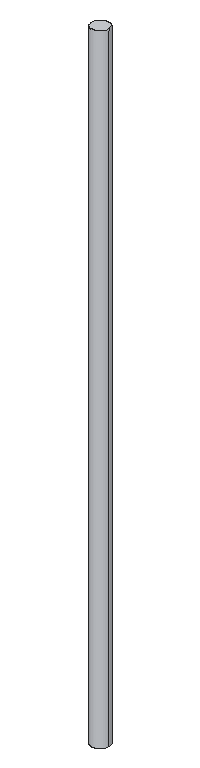
Revit family "BIM_ST_Scaff_StandardPost_Shared", category Generic Models, Revit 2022
Family settings
  Can host rebar = No
  Round Connector Dimension = Use Diameter
  Part Type = Normal
  Work Plane-Based = No
  Always vertical = Yes
  Cut with Voids When Loaded = No
  Maintain Annotation Orientation = No
  Shared = Yes
  Room Calculation Point = No
Parameters
  Height [instance] = 0 mm
  Default Elevation = 0 mm
Reference planes
  plane 1 "Center (Front/Back)": y = 0
  plane 2: z = 0
  plane 3 "Center (Left/Right)": x = 0
Forms (mm)
  Extrusion 1, solid
    sketch origin (0, 0, 0) x (1, 0, 0) y (0, 1, 0)
      loop
        circle (0, 0) r 24.3
    from 0 to 1800
Dimensions and locks
  aligned and locked: level to plane 2
